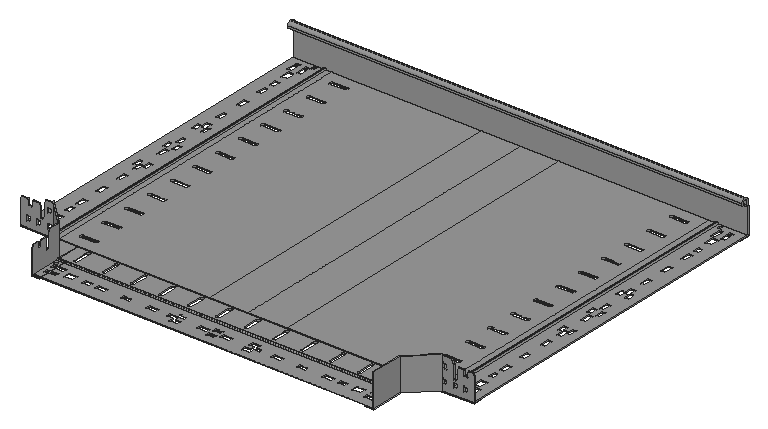
Revit family "T-Abzweigstück - RTM 660 FS.rfa_ok", category Generic Models, Revit 2017 (continued)
Dimensions and locks
  locked: plane 51 to Extrusion 12 sketch curve at 16
  locked: Extrusion 12 sketch curve to plane 51 at 16
  equal spacing: group 12, group 11, group 10, group 9, group 8, group 7
  equal spacing: group 7, group 8, group 9, group 10, group 11, group 12  (x2)
  locked: Extrusion 13 sketch curve to Extrusion 13 sketch curve at 7
  locked: plane 55 to Extrusion 13 sketch curve at 16
  locked: Extrusion 13 sketch curve to plane 55 at 16
  locked: Extrusion 14 sketch curve to Extrusion 14 sketch curve at 7
  locked: plane 59 to Extrusion 14 sketch curve at 16
  locked: Extrusion 14 sketch curve to plane 59 at 16
  locked: Extrusion 15 sketch curve to Extrusion 15 sketch curve at 7
  locked: plane 63 to Extrusion 15 sketch curve at 16
  locked: Extrusion 15 sketch curve to plane 63 at 16
  locked: Extrusion 16 sketch curve to Extrusion 16 sketch curve at 7
  locked: plane 67 to Extrusion 16 sketch curve at 16
  locked: Extrusion 16 sketch curve to plane 67 at 16
  locked: cut or joined group 1 (Extrusion 2, Extrusion 5, Extrusion 6, Extrusion 7, Extrusion 8, Extrusion 9, Extrusion 10, Extrusion 11, Extrusion 12, Extrusion 13, Extrusion 14, Extrusion 15, Extrusion 16, Extrusion 17, Extrusion 18, Extrusion 19, Extrusion 20, Extrusion 21, Extrusion 22, Extrusion 23, Extrusion 24, Extrusion 25, Extrusion 26, Extrusion 27, Extrusion 28, Extrusion 29, Extrusion 30, Extrusion 31, Extrusion 32, Extrusion 33, Extrusion 34, Extrusion 35, Extrusion 36) to plane 69 at 26.49
  locked: Extrusion 17 sketch curve to Extrusion 17 sketch curve at 16
  locked: Extrusion 17 sketch curve to Extrusion 17 sketch curve at 8
  locked: Extrusion 18 sketch curve to Extrusion 18 sketch curve at 16
  locked: Extrusion 18 sketch curve to Extrusion 18 sketch curve at 8
  group 14 to group 13 = 40 mm
  group 13 to group 14 = 0 mm  (x2)
  locked: plane 3 "Center (Left/Right)" to plane 70 at 110
  locked: Extrusion 19 sketch curve to Extrusion 19 sketch curve at 16
  locked: Extrusion 19 sketch curve to Extrusion 19 sketch curve at 8
  group 13 to group 15 = 90 mm
  group 13 to group 15 = 0 mm  (x2)
  locked: plane 3 "Center (Left/Right)" to plane 71 at 155
  locked: Extrusion 20 sketch curve to Extrusion 20 sketch curve at 16
  locked: Extrusion 20 sketch curve to Extrusion 20 sketch curve at 8
  group 15 to group 16 = 45 mm
  group 15 to group 16 = 0 mm  (x2)
  locked: plane 3 "Center (Left/Right)" to plane 72 at 200
  locked: Extrusion 21 sketch curve to Extrusion 21 sketch curve at 16
  locked: Extrusion 21 sketch curve to Extrusion 21 sketch curve at 8
  group 16 to group 17 = 45 mm
  group 16 to group 17 = 0 mm  (x2)
  locked: plane 73 to plane 3 "Center (Left/Right)" at 110
  locked: Extrusion 22 sketch curve to Extrusion 22 sketch curve at 16
  locked: Extrusion 22 sketch curve to Extrusion 22 sketch curve at 8
  group 18 to group 14 = 90 mm
  group 14 to group 18 = 0 mm  (x2)
  locked: Extrusion 23 sketch curve to Extrusion 23 sketch curve at 16
  locked: Extrusion 23 sketch curve to Extrusion 23 sketch curve at 8
  group 19 to group 18 = 45 mm
  group 18 to group 19 = 0 mm  (x2)
  locked: Extrusion 24 sketch curve to Extrusion 24 sketch curve at 16
  locked: Extrusion 24 sketch curve to Extrusion 24 sketch curve at 8
  group 20 to group 19 = 45 mm
  group 19 to group 20 = 0 mm  (x2)
  locked: Extrusion 25 sketch curve to Extrusion 25 sketch curve at 14
  locked: Extrusion 25 sketch curve to plane 3 "Center (Left/Right)" at 7
  locked: Extrusion 25 sketch curve to Extrusion 25 sketch curve at 7.6
  locked: Extrusion 26 sketch curve to Extrusion 26 sketch curve at 14
  locked: Extrusion 26 sketch curve to Extrusion 26 sketch curve at 7.6
  locked: plane 3 "Center (Left/Right)" to plane 78 at 82
  locked: plane 79 to plane 3 "Center (Left/Right)" at 82
  locked: Extrusion 27 sketch curve to plane 69 at 3.967
  locked: Extrusion 27 sketch curve to plane 69 at 4.033
  locked: Extrusion 27 sketch curve to Extrusion 27 sketch curve at 7.554  (x2)
  locked: Extrusion 27 sketch curve to Extrusion 27 sketch curve at 15.972
  locked: Extrusion 27 sketch curve to Extrusion 27 sketch curve at 14
  locked: Extrusion 27 sketch curve to Extrusion 27 sketch curve at 25
  locked: Extrusion 27 sketch curve to Extrusion 27 sketch curve at 8.436
  locked: Extrusion 27 sketch curve to plane 78 at 11  (x2)
  locked: plane 69 to cut or joined group 1 at 4.403
  locked: plane 69 to cut or joined group 1 at 4.033
  locked: Extrusion 28 sketch curve to Extrusion 28 sketch curve at 7.554  (x2)
  locked: Extrusion 28 sketch curve to Extrusion 28 sketch curve at 15.972
  locked: Extrusion 28 sketch curve to Extrusion 28 sketch curve at 14
  locked: Extrusion 28 sketch curve to Extrusion 28 sketch curve at 25
  locked: Extrusion 28 sketch curve to Extrusion 28 sketch curve at 8.436
  locked: Extrusion 28 sketch curve to plane 80 at 11  (x2)
  locked: plane 3 "Center (Left/Right)" to plane 82 at 225
  locked: Extrusion 29 sketch curve to Extrusion 29 sketch curve at 8
  locked: plane 69 to Extrusion 29 sketch curve at 4
  locked: Extrusion 29 sketch curve to Extrusion 29 sketch curve at 12
  locked: Extrusion 29 sketch curve to plane 82 at 6
  locked: plane 3 "Center (Left/Right)" to plane 83 at 254
  locked: Extrusion 30 sketch curve to Extrusion 30 sketch curve at 12
  locked: plane 69 to Extrusion 30 sketch curve at 6
  locked: Extrusion 30 sketch curve to Extrusion 30 sketch curve at 16
  locked: plane 83 to Extrusion 30 sketch curve at 8
  locked: cut or joined group 1 to cut or joined group 1 at 19.329
  locked: cut or joined group 1 to cut or joined group 1 at 21.329
  locked: Extrusion 31 sketch curve to Extrusion 31 sketch curve at 21
  plane 3 "Center (Left/Right)" to plane 84 = 281.613 mm
  locked: plane 84 to Extrusion 31 sketch curve at 10.5
  locked: Extrusion 31 sketch curve to plane 69 at 4.2
  locked: Extrusion 31 sketch curve to Extrusion 31 sketch curve at 7.6  (x2)
  locked: plane 69 to Extrusion 31 sketch curve at 4.2
  Extrusion 31 sketch curve to cut or joined group 1 = 7.887 mm
  locked: Extrusion 32 sketch curve to Extrusion 32 sketch curve at 8
  locked: Extrusion 32 sketch curve to Extrusion 32 sketch curve at 12
  locked: Extrusion 32 sketch curve to plane 85 at 6
  locked: Extrusion 33 sketch curve to Extrusion 33 sketch curve at 12
  locked: Extrusion 33 sketch curve to Extrusion 33 sketch curve at 16
  locked: Extrusion 34 sketch curve to Extrusion 34 sketch curve at 21
  locked: plane 86 to Extrusion 34 sketch curve at 10.5
  locked: Extrusion 34 sketch curve to Extrusion 34 sketch curve at 7.6  (x2)
  locked: plane 1 "Center (Front/Back)" to plane 87 at 42.25
  locked: plane 3 "Center (Left/Right)" to plane 88 at 293.25
  locked: plane 88 to Extrusion 35 sketch curve
  locked: Extrusion 35 sketch curve to plane 87 at 3.1
  locked: plane 90 to Extrusion 36 sketch curve
  locked: Extrusion 36 sketch curve to plane 89 at 3.1
  Extrusion 1 to cut or joined group 1 = 600.78 mm
  locked: Extrusion 37 sketch curve to Extrusion 37 sketch curve at 7
  locked: plane 92 to Extrusion 37 sketch curve at 21.5
  locked: plane 91 to Extrusion 37 sketch curve at 16
  locked: Extrusion 37 sketch curve to plane 91 at 16
  locked: Extrusion 2 to Extrusion 5 at 0.05
  locked: Extrusion 38 sketch curve to Extrusion 38 sketch curve at 7
  locked: plane 94 to Extrusion 38 sketch curve at 21.5
  locked: plane 93 to Extrusion 38 sketch curve at 16
  locked: Extrusion 38 sketch curve to plane 93 at 16
  equal spacing: group 21, group 22, group 23, group 24, group 25, group 26  (x2)
  equal spacing: group 26, group 25, group 24, group 23, group 22, group 21
  locked: Extrusion 39 sketch curve to Extrusion 39 sketch curve at 7
  locked: plane 96 to Extrusion 39 sketch curve at 21.5
  locked: plane 95 to Extrusion 39 sketch curve at 16
  locked: Extrusion 39 sketch curve to plane 95 at 16
  locked: Extrusion 40 sketch curve to Extrusion 40 sketch curve at 7
  locked: plane 98 to Extrusion 40 sketch curve at 21.5
  locked: plane 97 to Extrusion 40 sketch curve at 16
  locked: Extrusion 40 sketch curve to plane 97 at 16
  locked: Extrusion 41 sketch curve to Extrusion 41 sketch curve at 7
  locked: plane 100 to Extrusion 41 sketch curve at 21.5
  locked: plane 99 to Extrusion 41 sketch curve at 16
  locked: Extrusion 41 sketch curve to plane 99 at 16
  locked: Extrusion 42 sketch curve to Extrusion 42 sketch curve at 7
  locked: plane 102 to Extrusion 42 sketch curve at 21.5
  locked: plane 101 to Extrusion 42 sketch curve at 16
  locked: Extrusion 42 sketch curve to plane 101 at 16
  locked: Extrusion 43 sketch curve to Extrusion 43 sketch curve at 7
  locked: plane 104 to Extrusion 43 sketch curve at 21.5
  locked: plane 103 to Extrusion 43 sketch curve at 16
  locked: Extrusion 43 sketch curve to plane 103 at 16
  group 21 to group 27 = 0 mm  (x2)
  group 21 to group 27 = 50 mm
  locked: Extrusion 44 sketch curve to Extrusion 44 sketch curve at 7
  locked: plane 106 to Extrusion 44 sketch curve at 21.5
  locked: plane 105 to Extrusion 44 sketch curve at 16
  locked: Extrusion 44 sketch curve to plane 105 at 16
  equal spacing: group 27, group 28, group 29, group 30, group 31, group 32  (x3)
  locked: Extrusion 45 sketch curve to Extrusion 45 sketch curve at 7
  locked: plane 108 to Extrusion 45 sketch curve at 21.5
  locked: plane 107 to Extrusion 45 sketch curve at 16
  locked: Extrusion 45 sketch curve to plane 107 at 16
  locked: Extrusion 46 sketch curve to Extrusion 46 sketch curve at 7
  locked: plane 110 to Extrusion 46 sketch curve at 21.5
  locked: plane 109 to Extrusion 46 sketch curve at 16
  locked: Extrusion 46 sketch curve to plane 109 at 16
  locked: Extrusion 47 sketch curve to Extrusion 47 sketch curve at 7
  locked: plane 112 to Extrusion 47 sketch curve at 21.5
  locked: plane 111 to Extrusion 47 sketch curve at 16
  locked: Extrusion 47 sketch curve to plane 111 at 16
  locked: Extrusion 48 sketch curve to Extrusion 48 sketch curve at 7
  locked: plane 114 to Extrusion 48 sketch curve at 21.5
  locked: plane 113 to Extrusion 48 sketch curve at 16
  locked: Extrusion 48 sketch curve to plane 113 at 16
  locked: cut or joined group 2 (Extrusion 1, Extrusion 37, Extrusion 38, Extrusion 39, Extrusion 40, Extrusion 41, Extrusion 42, Extrusion 43, Extrusion 44, Extrusion 45, Extrusion 46, Extrusion 47, Extrusion 48, Extrusion 49, Extrusion 50, Extrusion 51, Extrusion 52, Extrusion 53, Extrusion 54, Extrusion 55, Extrusion 56, Extrusion 57, Extrusion 58, Extrusion 59, Extrusion 60, Extrusion 61, Extrusion 62, Extrusion 63, Extrusion 64, Extrusion 65, Extrusion 66, Extrusion 67, Extrusion 68, Extrusion 69, Extrusion 70, Extrusion 71, Extrusion 72, Extrusion 73, Extrusion 74, Extrusion 75, Extrusion 76, Extrusion 77, Extrusion 78, Extrusion 79, Extrusion 80, Extrusion 81, Extrusion 82, Extrusion 83, Extrusion 84, Extrusion 85, Extrusion 86, Extrusion 87, Extrusion 88, Extrusion 89, Extrusion 90, Extrusion 91, Extrusion 92, Extrusion 93, Extrusion 94, Extrusion 95, Extrusion 96, Extrusion 97, Extrusion 98, Extrusion 99, Extrusion 100, Extrusion 101, Extrusion 102, Extrusion 103, Extrusion 104) to cut or joined group 2 at 26.897  (x11)
  locked: cut or joined group 2 to plane 115 at 300.5
  locked: cut or joined group 2 to plane 116 at 26.49
  locked: Extrusion 49 sketch curve to plane 115 at 12
  locked: Extrusion 49 sketch curve to Extrusion 49 sketch curve at 16
  locked: Extrusion 49 sketch curve to Extrusion 49 sketch curve at 8
  locked: Extrusion 49 sketch curve to plane 116 at 4
  locked: Extrusion 50 sketch curve to Extrusion 50 sketch curve at 16
  locked: Extrusion 50 sketch curve to Extrusion 50 sketch curve at 8
  locked: plane 115 to plane 117 at 110
  locked: Extrusion 51 sketch curve to Extrusion 51 sketch curve at 16
  locked: Extrusion 51 sketch curve to Extrusion 51 sketch curve at 8
  group 33 to group 34 = 0 mm  (x2)
  group 34 to group 33 = 90 mm
  locked: Extrusion 52 sketch curve to Extrusion 52 sketch curve at 16
  locked: Extrusion 52 sketch curve to Extrusion 52 sketch curve at 8
  group 34 to group 35 = 0 mm  (x2)
  group 35 to group 34 = 45 mm
  locked: Extrusion 53 sketch curve to Extrusion 53 sketch curve at 16
  locked: Extrusion 53 sketch curve to Extrusion 53 sketch curve at 8
  group 35 to group 36 = 0 mm  (x2)
  group 36 to group 35 = 45 mm
  locked: Extrusion 54 sketch curve to Extrusion 54 sketch curve at 16
  locked: Extrusion 54 sketch curve to Extrusion 54 sketch curve at 8
  locked: Extrusion 55 sketch curve to Extrusion 55 sketch curve at 16
  locked: Extrusion 55 sketch curve to Extrusion 55 sketch curve at 8
  locked: Extrusion 56 sketch curve to Extrusion 56 sketch curve at 16
  locked: Extrusion 56 sketch curve to Extrusion 56 sketch curve at 8
  locked: Extrusion 57 sketch curve to Extrusion 57 sketch curve at 7.6
  locked: Extrusion 57 sketch curve to Extrusion 57 sketch curve at 14
  locked: plane 115 to Extrusion 57 sketch curve at 7
  locked: Extrusion 58 sketch curve to Extrusion 58 sketch curve at 7.6
  locked: Extrusion 58 sketch curve to Extrusion 58 sketch curve at 14
  locked: plane 115 to plane 122 at 82
  locked: Extrusion 59 sketch curve to plane 116 at 4
  plane 116 to Extrusion 59 sketch curve = 4 mm
  locked: Extrusion 59 sketch curve to Extrusion 59 sketch curve at 8
  locked: Extrusion 59 sketch curve to Extrusion 59 sketch curve at 8.398
  locked: Extrusion 59 sketch curve to Extrusion 59 sketch curve at 13.959  (x2)
  locked: Extrusion 59 sketch curve to Extrusion 59 sketch curve at 7.574
  locked: cut or joined group 2 to cut or joined group 2 at 13.959  (x2)
  locked: cut or joined group 2 to cut or joined group 2 at 8.398
  cut or joined group 2 to cut or joined group 2 = 13.959 mm
  cut or joined group 2 to cut or joined group 2 = 23.599 mm
  locked: cut or joined group 2 to cut or joined group 2 at 15.925
  locked: Extrusion 60 sketch curve to Extrusion 60 sketch curve at 8
  locked: Extrusion 60 sketch curve to Extrusion 60 sketch curve at 8.398
  locked: Extrusion 60 sketch curve to Extrusion 60 sketch curve at 13.959  (x2)
  locked: Extrusion 60 sketch curve to Extrusion 60 sketch curve at 7.574
  locked: plane 115 to plane 124 at 225
  locked: Extrusion 61 sketch curve to Extrusion 61 sketch curve at 8
  locked: plane 116 to Extrusion 61 sketch curve at 4
  locked: Extrusion 61 sketch curve to Extrusion 61 sketch curve at 12
  locked: plane 124 to Extrusion 61 sketch curve at 6
  locked: Extrusion 62 sketch curve to Extrusion 62 sketch curve at 12
  locked: Extrusion 62 sketch curve to plane 116 at 6
  locked: Extrusion 62 sketch curve to Extrusion 62 sketch curve at 16
  locked: plane 125 to Extrusion 62 sketch curve at 8
  locked: plane 115 to plane 126 at 278.5
  locked: Extrusion 63 sketch curve to Extrusion 63 sketch curve at 21
  locked: plane 126 to Extrusion 63 sketch curve at 10.5
  locked: Extrusion 63 sketch curve to Extrusion 63 sketch curve at 7.6
  locked: plane 116 to Extrusion 63 sketch curve at 4.2
  locked: Extrusion 64 sketch curve to Extrusion 64 sketch curve at 21
  locked: plane 127 to Extrusion 64 sketch curve at 10.5
  locked: Extrusion 64 sketch curve to Extrusion 64 sketch curve at 7.6
  locked: Extrusion 65 sketch curve to Extrusion 65 sketch curve at 8
  locked: Extrusion 65 sketch curve to Extrusion 65 sketch curve at 12
  locked: plane 128 to Extrusion 65 sketch curve at 6
  locked: Extrusion 66 sketch curve to Extrusion 66 sketch curve at 12
  locked: Extrusion 66 sketch curve to Extrusion 66 sketch curve at 16
  locked: plane 129 to Extrusion 66 sketch curve at 8
  locked: Extrusion 67 sketch curve to Extrusion 67 sketch curve at 21
  locked: plane 130 to Extrusion 67 sketch curve at 10.5
  locked: Extrusion 67 sketch curve to Extrusion 67 sketch curve at 7.6
  locked: Extrusion 68 sketch curve to Extrusion 68 sketch curve at 21
  locked: plane 131 to Extrusion 68 sketch curve at 10.5
  locked: Extrusion 68 sketch curve to Extrusion 68 sketch curve at 7.6
  locked: plane 115 to plane 132 at 293.25
  locked: cut or joined group 2 to plane 133 at 42.25
  locked: plane 132 to Extrusion 69 sketch curve at 0
  locked: Extrusion 69 sketch curve to plane 132 at 3.089
  locked: Extrusion 70 sketch curve to Extrusion 70 sketch curve at 7
  locked: Extrusion 70 sketch curve to plane 135 at 21.5
  locked: plane 134 to Extrusion 70 sketch curve at 16
  locked: Extrusion 70 sketch curve to plane 134 at 16
  locked: Extrusion 71 sketch curve to Extrusion 71 sketch curve at 7
  locked: Extrusion 71 sketch curve to plane 137 at 21.5
  locked: plane 136 to Extrusion 71 sketch curve at 16
  locked: Extrusion 71 sketch curve to plane 136 at 16
  locked: Extrusion 72 sketch curve to Extrusion 72 sketch curve at 7
  locked: Extrusion 72 sketch curve to plane 139 at 21.5
  locked: plane 138 to Extrusion 72 sketch curve at 16
  locked: Extrusion 72 sketch curve to plane 138 at 16
  locked: Extrusion 73 sketch curve to Extrusion 73 sketch curve at 7
  locked: Extrusion 73 sketch curve to plane 141 at 21.5
  locked: plane 140 to Extrusion 73 sketch curve at 16
  locked: Extrusion 73 sketch curve to plane 140 at 16
  locked: Extrusion 74 sketch curve to Extrusion 74 sketch curve at 7
  locked: Extrusion 74 sketch curve to plane 143 at 21.5
  locked: plane 142 to Extrusion 74 sketch curve at 16
  locked: Extrusion 74 sketch curve to plane 142 at 16
  locked: Extrusion 75 sketch curve to Extrusion 75 sketch curve at 7
  locked: Extrusion 75 sketch curve to plane 145 at 21.5
  locked: plane 144 to Extrusion 75 sketch curve at 16
  locked: Extrusion 75 sketch curve to plane 144 at 16
  locked: Extrusion 76 sketch curve to Extrusion 76 sketch curve at 7
  locked: Extrusion 76 sketch curve to plane 147 at 21.5
  locked: plane 146 to Extrusion 76 sketch curve at 16
  locked: Extrusion 76 sketch curve to plane 146 at 16
  locked: Extrusion 77 sketch curve to Extrusion 77 sketch curve at 7
  locked: Extrusion 77 sketch curve to plane 149 at 21.5
  locked: plane 148 to Extrusion 77 sketch curve at 16
  locked: Extrusion 77 sketch curve to plane 148 at 16
  locked: Extrusion 78 sketch curve to Extrusion 78 sketch curve at 7
  locked: Extrusion 78 sketch curve to plane 151 at 21.5
  locked: plane 150 to Extrusion 78 sketch curve at 16
  locked: Extrusion 78 sketch curve to plane 150 at 16
  locked: Extrusion 79 sketch curve to Extrusion 79 sketch curve at 7
  locked: Extrusion 79 sketch curve to plane 153 at 21.5
  locked: plane 152 to Extrusion 79 sketch curve at 16
  locked: Extrusion 79 sketch curve to plane 152 at 16
  locked: Extrusion 80 sketch curve to Extrusion 80 sketch curve at 7
  locked: Extrusion 80 sketch curve to plane 155 at 21.5
  locked: plane 154 to Extrusion 80 sketch curve at 16
  locked: Extrusion 80 sketch curve to plane 154 at 16
  locked: Extrusion 81 sketch curve to Extrusion 81 sketch curve at 7
  locked: Extrusion 81 sketch curve to plane 157 at 21.5
  locked: plane 156 to Extrusion 81 sketch curve at 16
  locked: Extrusion 81 sketch curve to plane 156 at 16
  locked: plane 158 to Extrusion 82 sketch curve at 0
  locked: Extrusion 82 sketch curve to plane 158 at 3.089
  locked: Extrusion 83 sketch curve to Extrusion 83 sketch curve at 16
  locked: Extrusion 83 sketch curve to Extrusion 83 sketch curve at 8
  locked: Extrusion 84 sketch curve to Extrusion 84 sketch curve at 16
  locked: Extrusion 84 sketch curve to Extrusion 84 sketch curve at 8
  locked: Extrusion 85 sketch curve to Extrusion 85 sketch curve at 16
  locked: Extrusion 85 sketch curve to Extrusion 85 sketch curve at 8
  locked: Extrusion 86 sketch curve to Extrusion 86 sketch curve at 16
  locked: Extrusion 86 sketch curve to Extrusion 86 sketch curve at 8
  locked: Extrusion 87 sketch curve to Extrusion 87 sketch curve at 16
  locked: Extrusion 87 sketch curve to Extrusion 87 sketch curve at 8
  locked: Extrusion 88 sketch curve to Extrusion 88 sketch curve at 16
  locked: Extrusion 88 sketch curve to Extrusion 88 sketch curve at 8
  locked: Extrusion 89 sketch curve to Extrusion 89 sketch curve at 16
  locked: Extrusion 89 sketch curve to Extrusion 89 sketch curve at 8
  locked: Extrusion 90 sketch curve to Extrusion 90 sketch curve at 16
  locked: Extrusion 90 sketch curve to Extrusion 90 sketch curve at 8
  locked: Extrusion 91 sketch curve to Extrusion 91 sketch curve at 7.6
  locked: Extrusion 91 sketch curve to Extrusion 91 sketch curve at 14
  locked: Extrusion 92 sketch curve to Extrusion 92 sketch curve at 7.6
  locked: Extrusion 92 sketch curve to Extrusion 92 sketch curve at 14
  locked: Extrusion 93 sketch curve to Extrusion 93 sketch curve at 8
  locked: Extrusion 93 sketch curve to Extrusion 93 sketch curve at 8.398
  locked: Extrusion 93 sketch curve to Extrusion 93 sketch curve at 13.959  (x2)
  locked: Extrusion 93 sketch curve to Extrusion 93 sketch curve at 7.574
  locked: Extrusion 94 sketch curve to Extrusion 94 sketch curve at 8
  locked: Extrusion 94 sketch curve to Extrusion 94 sketch curve at 8.398
  locked: Extrusion 94 sketch curve to Extrusion 94 sketch curve at 13.959  (x2)
  locked: Extrusion 94 sketch curve to Extrusion 94 sketch curve at 7.574
  locked: Extrusion 95 sketch curve to Extrusion 95 sketch curve at 8
  locked: Extrusion 95 sketch curve to Extrusion 95 sketch curve at 12
  locked: plane 166 to Extrusion 95 sketch curve at 6
  locked: Extrusion 96 sketch curve to Extrusion 96 sketch curve at 12
  locked: Extrusion 96 sketch curve to Extrusion 96 sketch curve at 16
  locked: plane 167 to Extrusion 96 sketch curve at 8
  locked: Extrusion 97 sketch curve to Extrusion 97 sketch curve at 21
  locked: plane 168 to Extrusion 97 sketch curve at 10.5
  locked: Extrusion 97 sketch curve to Extrusion 97 sketch curve at 7.6
  locked: Extrusion 98 sketch curve to Extrusion 98 sketch curve at 21
  locked: plane 169 to Extrusion 98 sketch curve at 10.5
  locked: Extrusion 98 sketch curve to Extrusion 98 sketch curve at 7.6
  locked: Extrusion 99 sketch curve to Extrusion 99 sketch curve at 8
  locked: Extrusion 99 sketch curve to Extrusion 99 sketch curve at 12
  locked: plane 170 to Extrusion 99 sketch curve at 6
  locked: Extrusion 100 sketch curve to Extrusion 100 sketch curve at 12
  locked: Extrusion 100 sketch curve to Extrusion 100 sketch curve at 16
  locked: plane 171 to Extrusion 100 sketch curve at 8
  locked: Extrusion 101 sketch curve to Extrusion 101 sketch curve at 21
  locked: plane 172 to Extrusion 101 sketch curve at 10.5
  locked: Extrusion 101 sketch curve to Extrusion 101 sketch curve at 7.6
  locked: Extrusion 102 sketch curve to Extrusion 102 sketch curve at 21
  locked: plane 173 to Extrusion 102 sketch curve at 10.5
  locked: Extrusion 102 sketch curve to Extrusion 102 sketch curve at 7.6
  locked: plane 174 to Extrusion 103 sketch curve at 0
  locked: Extrusion 103 sketch curve to plane 174 at 3.089
  locked: plane 176 to Extrusion 104 sketch curve at 0
  locked: Extrusion 104 sketch curve to plane 176 at 3.089
  plane 178 to level = 61.75 mm
  locked: Extrusion 105 sketch curve to plane 180 at 1.5
  locked: plane 180 to plane 182 at 12
  locked: plane 179 to Extrusion 105 sketch curve at 50.5
  plane 183 to Extrusion 105 sketch curve = 47.5 mm
  plane 181 to Extrusion 105 sketch curve = 57 mm
  plane 178 to Extrusion 105 sketch curve = 63 mm
  Extrusion 105 sketch curve to plane 184 = 9 mm
  plane 184 to Extrusion 105 sketch curve = 54.021 mm
  locked: Extrusion 105 sketch curve to Extrusion 105 sketch curve at 9
  locked: Extrusion 105 sketch curve to Extrusion 105 sketch curve at 1.3  (x2)
  locked: Extrusion 105 sketch curve to Extrusion 105 sketch curve at 1.251
  cut or joined group 2 to Extrusion 105 sketch curve = 1.25 mm
  locked: Extrusion 105 sketch curve to Extrusion 105 sketch curve at 16.251
  locked: Extrusion 105 sketch curve to Extrusion 105 sketch curve at 9.443
  Extrusion 105 sketch curve to Extrusion 105 sketch curve = 12.043 mm
  locked: Extrusion 105 sketch curve to Extrusion 105 sketch curve at 63.021
  locked: cut or joined group 1 to Extrusion 105 at 1.25
  locked: Extrusion 106 sketch curve to cut or joined group 2 at 1.3
  locked: Extrusion 106 sketch curve to cut or joined group 1 at 1.3
  locked: Extrusion 106 sketch curve to Extrusion 3 at 1.3
  locked: Extrusion 106 sketch curve to Extrusion 106 sketch curve at 58.022
  locked: Extrusion 106 sketch curve to Extrusion 106 sketch curve at 57.242
  locked: Extrusion 106 to plane 185 at 57.52
  locked: Extrusion 107 sketch curve to Extrusion 107 sketch curve at 58.022
  locked: Extrusion 107 sketch curve to Extrusion 107 sketch curve at 57.242
  locked: cut or joined group 2 to Extrusion 108 sketch curve at 1.254
  locked: Extrusion 108 sketch curve to Extrusion 108 sketch curve at 15
  locked: Extrusion 109 sketch curve to Extrusion 109 sketch curve at 15
  locked: Extrusion 110 sketch curve to Extrusion 110 sketch curve at 15
  locked: Extrusion 111 sketch curve to Extrusion 111 sketch curve at 15
  locked: Extrusion 112 sketch curve to Extrusion 112 sketch curve at 7
  locked: plane 188 to Extrusion 112 sketch curve at 3.5
  locked: Extrusion 112 sketch curve to Extrusion 112 sketch curve at 9
  locked: Extrusion 112 sketch curve to plane 187 at 4.5
  locked: Extrusion 113 sketch curve to Extrusion 113 sketch curve at 7
  locked: plane 190 to Extrusion 113 sketch curve at 3.5
  locked: Extrusion 113 sketch curve to Extrusion 113 sketch curve at 9
  locked: Extrusion 113 sketch curve to plane 189 at 4.5
  locked: Extrusion 114 sketch curve to Extrusion 114 sketch curve at 7
  locked: plane 192 to Extrusion 114 sketch curve at 3.5
  locked: Extrusion 114 sketch curve to Extrusion 114 sketch curve at 9
  locked: Extrusion 114 sketch curve to plane 191 at 4.5
  locked: Extrusion 115 sketch curve to Extrusion 115 sketch curve at 7
  locked: plane 194 to Extrusion 115 sketch curve at 3.5
  locked: Extrusion 115 sketch curve to Extrusion 115 sketch curve at 9
  locked: Extrusion 115 sketch curve to plane 193 at 4.5
  group 61 to group 62 = 0 mm  (x2)
  group 61 to group 62 = 25 mm
  locked: plane 195 to Extrusion 108 at 47.95
  locked: plane 195 to plane 196 at 10
  locked: cut or joined group 3 (Extrusion 106, Extrusion 112, Extrusion 113, Extrusion 114, Extrusion 115, Extrusion 116, Extrusion 117, Extrusion 124, Extrusion 125) to plane 197 at 1.963
  locked: plane 198 to Extrusion 116 sketch curve at 1
  locked: plane 199 to Extrusion 116 sketch curve at 1
  locked: plane 201 to Extrusion 108 at 25.65
  locked: plane 202 to Extrusion 116 sketch curve at 3
  locked: plane 204 to plane 203 at 10
  locked: Extrusion 105 to plane 210 at 47.95
  locked: Extrusion 105 to plane 211 at 2
  locked: Extrusion 105 to plane 212 at 42.45
  locked: Extrusion 105 to plane 214 at 25.65
  locked: Extrusion 119 sketch curve to Extrusion 119 sketch curve at 7
  locked: plane 219 to Extrusion 119 sketch curve at 3.5
  locked: Extrusion 119 sketch curve to Extrusion 119 sketch curve at 9
  locked: Extrusion 119 sketch curve to plane 218 at 4.5
  locked: Extrusion 120 sketch curve to Extrusion 120 sketch curve at 7
  locked: plane 221 to Extrusion 120 sketch curve at 3.5
  locked: Extrusion 120 sketch curve to Extrusion 120 sketch curve at 9
  locked: Extrusion 120 sketch curve to plane 220 at 4.5
  locked: Extrusion 121 sketch curve to Extrusion 121 sketch curve at 7
  locked: plane 223 to Extrusion 121 sketch curve at 3.5
  locked: Extrusion 121 sketch curve to Extrusion 121 sketch curve at 9
  locked: Extrusion 121 sketch curve to plane 222 at 4.5
  locked: Extrusion 122 sketch curve to Extrusion 122 sketch curve at 7
  locked: plane 225 to Extrusion 122 sketch curve at 3.5
  locked: Extrusion 122 sketch curve to Extrusion 122 sketch curve at 9
  locked: Extrusion 122 sketch curve to plane 224 at 4.5
  group 65 to group 66 = 0 mm  (x2)
  group 65 to group 66 = 25 mm
  Extrusion 105 to cut or joined group 4 (Extrusion 107, Extrusion 118, Extrusion 119, Extrusion 120, Extrusion 121, Extrusion 122, Extrusion 126) = 11.5 mm
  Extrusion 118 sketch curve to Extrusion 118 sketch curve = 8.521 mm
  locked: plane 205 to plane 1 "Center (Front/Back)" at 1.977
  locked: plane 233 to plane 234 at 3.5
  locked: plane 235 to plane 233 at 3.5
  plane 205 to Extrusion 117 sketch curve = 1.977 mm
  locked: Extrusion 117 sketch curve to Extrusion 117 sketch curve at 8.51
  Extrusion 117 sketch curve to Extrusion 117 sketch curve = 8.497 mm
  cut or joined group 3 to cut or joined group 3 = 6.542 mm
  Extrusion 109 to cut or joined group 3 = 25.65 mm
  locked: cut or joined group 3 to cut or joined group 3 at 7
  locked: Extrusion 105 to plane 238 at 51.5
  locked: Extrusion 105 to plane 239 at 2
  locked: Extrusion 105 to plane 240 at 30
  locked: plane 241 to plane 240 at 5
  locked: Extrusion 105 to plane 242 at 25.2
  locked: plane 242 to plane 243 at 22.23
  plane 240 to plane 244 = 2 mm
  locked: Extrusion 123 sketch curve to Extrusion 123 sketch curve at 5
  locked: Extrusion 105 to Extrusion 123 sketch curve at 51.5
  locked: Extrusion 105 to plane 247 at 51.5
  locked: Extrusion 105 to plane 248 at 30
  locked: Extrusion 105 to plane 249 at 35
  locked: Extrusion 105 to plane 253 at 2
  locked: Extrusion 105 to plane 250 at 25.2
  locked: plane 250 to plane 254 at 22.3
  locked: Extrusion 105 to Extrusion 124 sketch curve at 51.5
  locked: Extrusion 124 sketch curve to Extrusion 124 sketch curve at 5
  locked: Extrusion 105 to plane 256 at 32.5
  locked: Extrusion 105 to plane 255 at 16.5
  locked: Extrusion 125 sketch curve to Extrusion 125 sketch curve at 8
  locked: Extrusion 125 sketch curve to plane 255 at 4
  locked: plane 256 to Extrusion 125 sketch curve at 9.5
  locked: Extrusion 125 sketch curve to plane 256 at 9.5
  locked: Extrusion 105 to plane 257 at 16.5
  locked: Extrusion 105 to plane 258 at 32.5
  locked: Extrusion 126 sketch curve to Extrusion 126 sketch curve at 8
  locked: plane 257 to Extrusion 126 sketch curve at 4
  locked: Extrusion 126 sketch curve to plane 258 at 9.5
  locked: plane 258 to Extrusion 126 sketch curve at 9.5
  locked: Extrusion 109 to plane 259 at 17.45
  locked: plane 261 to cut or joined group 3 at 15
  locked: plane 260 to plane 261 at 18.25
  locked: plane 262 to plane 260 at 18
  locked: Extrusion 128 sketch curve to Extrusion 128 sketch curve at 7  (x3)
  locked: plane 261 to Extrusion 128 sketch curve at 3.5
  locked: Extrusion 128 sketch curve to Extrusion 128 sketch curve at 9  (x4)
  locked: plane 259 to Extrusion 128 sketch curve at 4.5
  locked: Extrusion 128 sketch curve to plane 260 at 3.5
  locked: Extrusion 128 sketch curve to plane 262 at 3.5
  locked: Extrusion 109 to plane 263 at 42.45
  locked: plane 263 to Extrusion 128 sketch curve at 4.5
  locked: cut or joined group 3 to Extrusion 128 sketch curve at 30.9
  locked: Extrusion 128 sketch curve to Extrusion 128 sketch curve at 4
  locked: Extrusion 128 to Extrusion 128 at 7  (x4)
  locked: Extrusion 128 to cut or joined group 4 at 45.696
  locked: cut or joined group 4 to Extrusion 128 at 36.696
  locked: Extrusion 128 to cut or joined group 4 at 8.954  (x2)
  locked: Extrusion 128 to cut or joined group 4 at 20.696  (x4)
  locked: Extrusion 128 to Extrusion 128 at 9  (x2)
  locked: cut or joined group 4 to Extrusion 128 at 18.5  (x2)
  locked: Extrusion 128 to Extrusion 128 at 4
  Extrusion 128 to Extrusion 128 = 7 mm
  locked: cut or joined group 1 to plane 68 (angle 45.00°)
  aligned and locked: level to plane 2
  aligned and locked: Extrusion 1 sketch curve to plane 2
  aligned and locked: Extrusion 1 sketch curve to plane 9
  aligned and locked: Extrusion 1 to Extrusion 2 sketch curve
  aligned and locked: level to Extrusion 2 sketch curve
  aligned and locked: plane 14 to Extrusion 2
  aligned and locked: Extrusion 2 to plane 15
  aligned and locked: Extrusion 2 to Extrusion 1
  aligned and locked: plane 1 "Center (Front/Back)" to Extrusion 2
  aligned and locked: Extrusion 1 to Extrusion 3 sketch curve
  aligned and locked: plane 23 to plane 22
  aligned and locked: Extrusion 5 to level
  aligned and locked: Extrusion 1 to Extrusion 5
  aligned and locked: plane 27 to plane 26
  aligned and locked: plane 31 to plane 30
  aligned and locked: plane 35 to plane 34
  aligned and locked: plane 39 to plane 38
  aligned and locked: plane 43 to plane 42
  aligned and locked: plane 47 to plane 46
  aligned and locked: plane 51 to plane 50
  aligned and locked: plane 55 to plane 54
  aligned and locked: plane 59 to plane 58
  aligned and locked: plane 63 to plane 62
  aligned and locked: plane 67 to plane 66
  aligned and locked: Extrusion 17 to level
  aligned and locked: Extrusion 1 to Extrusion 17
  aligned and locked: cut or joined group 1 to cut or joined group 1  (x5)
  aligned and locked: Extrusion 25 sketch curve to plane 74
  aligned and locked: Extrusion 25 to level
  aligned and locked: Extrusion 1 to Extrusion 25
  aligned and locked: plane 76 to Extrusion 26 sketch curve
  aligned and locked: Extrusion 27 to level
  aligned and locked: Extrusion 1 to Extrusion 27
  aligned and locked: Extrusion 29 to level
  aligned and locked: Extrusion 30 to level
  aligned and locked: Extrusion 31 sketch curve to Extrusion 31 sketch curve  (x2)
  aligned and locked: Extrusion 31 to level
  aligned and locked: Extrusion 1 to Extrusion 31
  aligned and locked: Extrusion 34 sketch curve to Extrusion 34 sketch curve  (x2)
  aligned and locked: Extrusion 35 to level
  aligned and locked: Extrusion 1 to Extrusion 35
  aligned and locked: plane 91 to plane 15
  aligned and locked: Extrusion 37 to level
  aligned and locked: Extrusion 49 to level
  aligned and locked: Extrusion 1 to Extrusion 49
